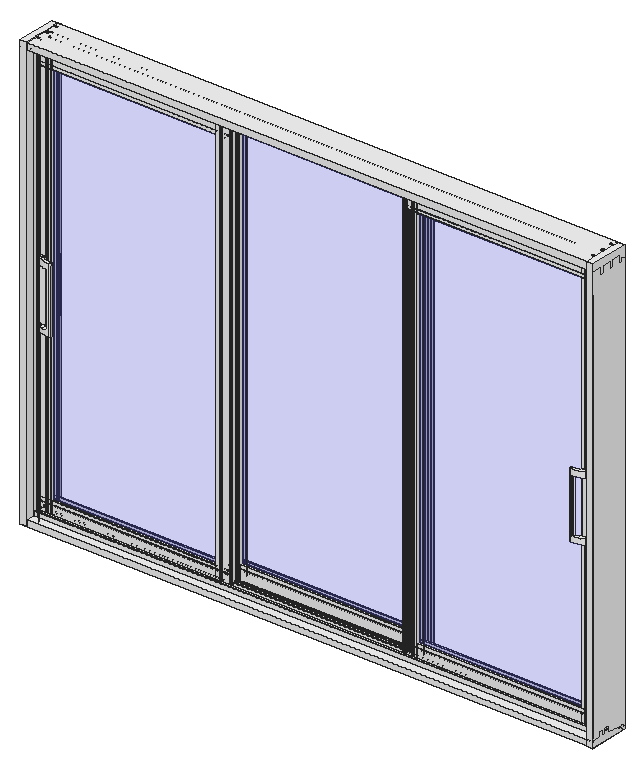
Revit family "Patio-Door_R-550-2-0_3-Light_XOX_7in_Novatech", category Doors, host Wall, Revit 2026 (continued)
Definition of nested family "NOVATECH_R-550 (2.0)_3 LIGHT_XOX_7in_DOOR FRAME"
  Definition of nested family "NOVATECH 650_2 LIGHT_DOOR FRAME_RIGHT"
    Automatic sketch dimensions
      Extrusion 1 sketch curve to Extrusion 1 sketch curve = 0.05984"
      Extrusion 1 sketch curve to Extrusion 1 sketch curve = 0.81136"
      Extrusion 1 sketch curve to Extrusion 1 sketch curve = 0.03246"
      Extrusion 1 sketch curve to Extrusion 1 sketch curve = 0.0325"
      Extrusion 1 sketch curve to Extrusion 1 sketch curve = 1.14764"
      Extrusion 1 sketch curve to Extrusion 1 sketch curve = 1.16928"
      Extrusion 1 sketch curve to Extrusion 1 sketch curve = 0.07341"
      Extrusion 1 sketch curve to Extrusion 1 sketch curve = 0.16734"
      Extrusion 1 sketch curve to Extrusion 1 sketch curve = 0.35207"
      Extrusion 1 sketch curve to Extrusion 1 sketch curve = 0.36692"
      Extrusion 1 sketch curve to Extrusion 1 sketch curve = 0.02304"
      Extrusion 1 sketch curve to Extrusion 1 sketch curve = 0.02379"
      Extrusion 1 sketch curve to Extrusion 1 sketch curve = 0.00926"
      Extrusion 1 sketch curve to Extrusion 1 sketch curve = 0.03614"
      Extrusion 1 sketch curve to Extrusion 1 sketch curve = 0.02228"
      Extrusion 1 sketch curve to Extrusion 1 sketch curve = 0.03887"
      Extrusion 1 sketch curve to Extrusion 1 sketch curve = 0.02535"
      Extrusion 1 sketch curve to Extrusion 1 sketch curve = 0.01071"
      Extrusion 1 sketch curve to Extrusion 1 sketch curve = 0.00764"
      Extrusion 1 sketch curve to Extrusion 1 sketch curve = 0.00916"
      Extrusion 1 sketch curve to Extrusion 1 sketch curve = 0.01185"
      Extrusion 1 sketch curve to Extrusion 1 sketch curve = 0.03921"
      Extrusion 1 sketch curve to Extrusion 1 sketch curve = 0.03995"
      Extrusion 1 sketch curve to Extrusion 1 sketch curve = 0.41557"
      Extrusion 1 sketch curve to Extrusion 1 sketch curve = 0.02246"  (x3)
      Extrusion 1 sketch curve to Extrusion 1 sketch curve = 0.04558"  (x2)
      Extrusion 1 sketch curve to Extrusion 1 sketch curve = 0.02222"
      Extrusion 1 sketch curve to Extrusion 1 sketch curve = 0.02305"
      Extrusion 1 sketch curve to Extrusion 1 sketch curve = 0.04602"
      Extrusion 1 sketch curve to Extrusion 1 sketch curve = 0.04436"
      Extrusion 1 sketch curve to Extrusion 1 sketch curve = 0.02244"
      Extrusion 1 sketch curve to Extrusion 1 sketch curve = 0.03743"
      Extrusion 1 sketch curve to Extrusion 1 sketch curve = 0.21108"
      Extrusion 1 sketch curve to Extrusion 1 sketch curve = 0.03746"
      Extrusion 1 sketch curve to Extrusion 1 sketch curve = 0.00795"
      Extrusion 1 sketch curve to Extrusion 1 sketch curve = 0.00895"
      Extrusion 1 sketch curve to Extrusion 1 sketch curve = 0.00912"
      Extrusion 1 sketch curve to Extrusion 1 sketch curve = 0.00975"
      Extrusion 1 sketch curve to Extrusion 1 sketch curve = 0.02249"
      Extrusion 1 sketch curve to Extrusion 1 sketch curve = 0.02399"
      Extrusion 1 sketch curve to Extrusion 1 sketch curve = 0.03972"
      Extrusion 1 sketch curve to Extrusion 1 sketch curve = 0.03991"
      Extrusion 1 sketch curve to Extrusion 1 sketch curve = 0.0105"
      Extrusion 1 sketch curve to Extrusion 1 sketch curve = 0.02313"
      Extrusion 1 sketch curve to Extrusion 1 sketch curve = 0.02334"
      Extrusion 1 sketch curve to Extrusion 1 sketch curve = 0.02"
      Extrusion 1 sketch curve to Extrusion 1 sketch curve = 0.04324"
      Extrusion 1 sketch curve to Extrusion 1 sketch curve = 0.04392"
      Extrusion 1 sketch curve to Extrusion 1 sketch curve = 0.00515"  (x2)
      plane 1 "Center (Front/Back)" to Extrusion 1 sketch curve = 1.87171"
Definition of nested family "NOVATECH_R-550 (2.0)_3 LIGHT_XOX_7in_LOOK HANDLE"
  Parameters (values of type "LOOK HANDLE")
    View Handle = yes
    Look Handle = yes
    Hardware Finish = none
    Handle Length [instance] = 12"
    Default Elevation = 0"
  Reference planes (in)
    plane 1 "Center (Front/Back)": y = 0
    plane 2: z = 0
    plane 3 "Center (Left/Right)": x = 0
    plane 4: z = 12
    plane 5: z = 11
    plane 6: z = 1
    plane 7: z = 6
  Forms (in)
    Extrusion 1, solid, material <- "Hardware Finish", visible <- "Look Handle"
      sketch origin (-2.75609, 4.10702, 0) x (1, 0, 0) y (0, 1, 0)
        loop
          line (2.28365, -5.7645) -> (2.29002, -6.12973)
          arc (2.29002, -6.12973) -> (2.31095, -6.17843) -> (2.36001, -6.1985) r 0.07
          line (2.36001, -6.1985) -> (3.15217, -6.1985)
          arc (3.15217, -6.1985) -> (3.20123, -6.17843) -> (3.22216, -6.12973) r 0.07
          line (3.22216, -6.12973) -> (3.22853, -5.7645) -> (2.28365, -5.7645)
      from 0 to 12
    Extrusion 2, solid, material <- "Hardware Finish", visible <- "Look Handle"
      sketch origin (-2.75609, 4.10702, 0) x (1, 0, 0) y (0, 1, 0)
        loop
          arc (2.92658, -7.01425) -> (2.95049, -7.06991) -> (3.00657, -7.09285) r 0.08
          line (3.00657, -7.09285) -> (3.06811, -7.09285)
          arc (3.06811, -7.09285) -> (3.12419, -7.06991) -> (3.1481, -7.01425) r 0.08
          line (3.1481, -7.01425) -> (3.16234, -6.1985) -> (2.88163, -6.1985)
          arc (2.88163, -6.1985) -> (2.90353, -6.20746) -> (2.91288, -6.22921) r 0.03125
          line (2.91288, -6.22921) -> (2.92658, -7.01425)
      from 4.54231 to 11
    Extrusion 3, solid, material <- "Hardware Finish", visible <- "Look Handle"
      sketch origin (-5.65408, 4.10702, 0) x (1, 0, 0) y (0, 1, 0)
        loop
          arc (5.26207, -7.01425) -> (5.28599, -7.06991) -> (5.34206, -7.09285) r 0.08
          line (5.34206, -7.09285) -> (5.96611, -7.09285)
          arc (5.96611, -7.09285) -> (6.02218, -7.06991) -> (6.0461, -7.01425) r 0.08
          line (6.0461, -7.01425) -> (6.06033, -6.1985) -> (5.24783, -6.1985) -> (5.26207, -7.01425)
      from 1 to 4.54231
  Dimensions and locks (in)
    "Handle Length": plane 4 to level
    locked: plane 4 to plane 5 at 1
    locked: plane 6 to level at 1
    equal spacing: plane 4, plane 7, level, locked at 6 each
    aligned and locked: plane 2 to level
  Automatic sketch dimensions
    Extrusion 1 sketch curve to plane 3 "Center (Left/Right)" = 0.47244"
    Extrusion 1 sketch curve to Extrusion 1 sketch curve = 0.00637"  (x2)
    Extrusion 1 sketch curve to Extrusion 1 sketch curve = 0.06999"  (x2)
    plane 3 "Center (Left/Right)" to Extrusion 1 sketch curve = 0.39608"
    plane 1 "Center (Front/Back)" to Extrusion 1 sketch curve = 2.09148"
    Extrusion 1 sketch curve to Extrusion 1 sketch curve = 0.06878"  (x2)
    Extrusion 1 sketch curve to Extrusion 1 sketch curve = 0.36522"
    plane 3 "Center (Left/Right)" to Extrusion 2 sketch curve = 0.31202"
    Extrusion 2 sketch curve to Extrusion 2 sketch curve = 0.07999"
    plane 1 "Center (Front/Back)" to Extrusion 2 sketch curve = 2.90722"
    Extrusion 2 sketch curve to Extrusion 2 sketch curve = 0.0014"  (x2)
    plane 3 "Center (Left/Right)" to Extrusion 2 sketch curve = 0.15679"
    Extrusion 2 sketch curve to Extrusion 2 sketch curve = 0.24946"
    Extrusion 2 sketch curve to Extrusion 2 sketch curve = 0.78504"
    Extrusion 2 sketch curve to Extrusion 2 sketch curve = 0.0307"
    Extrusion 2 sketch curve to Extrusion 2 sketch curve = 0.06155"
    Extrusion 2 sketch curve to Extrusion 2 sketch curve = 0"  (x2)
    Extrusion 2 sketch curve to Extrusion 2 sketch curve = 0.00055"
    plane 3 "Center (Left/Right)" to Extrusion 2 sketch curve = 0.12554"
    Extrusion 3 sketch curve to plane 3 "Center (Left/Right)" = 0.39201"
    Extrusion 3 sketch curve to Extrusion 3 sketch curve = 0.07999"
    plane 1 "Center (Front/Back)" to Extrusion 3 sketch curve = 2.90722"
    Extrusion 3 sketch curve to Extrusion 3 sketch curve = 0.0014"  (x2)
    Extrusion 3 sketch curve to plane 3 "Center (Left/Right)" = 13/32"
    Extrusion 3 sketch curve to Extrusion 3 sketch curve = 0.81574"
    plane 3 "Center (Left/Right)" to Extrusion 3 sketch curve = 0.31202"
    plane 3 "Center (Left/Right)" to Extrusion 3 sketch curve = 13/32"
    Extrusion 3 sketch curve to Extrusion 3 sketch curve = 0.0786"
Definition of nested family "NOVATECH_R-550 (2.0)_3 LIGHT_XOX_7in_VIEW HANDLE"
  Parameters (values of type "VIEW HANDLE")
    Hardware Finish = none
    Handle Length [instance] = 12"
    Default Elevation = 0"
  Reference planes (in)
    plane 1 "Center (Front/Back)": y = 0
    plane 2: z = 0
    plane 3 "Center (Left/Right)": x = 0
    plane 4: z = 12
    plane 5: z = 11
    plane 6: z = 1
    plane 7: z = 6
  Forms (in)
    Extrusion 1, solid, material <- "Hardware Finish"
      sketch origin (-2.75609, -5.7645, 0) x (1, 0, 0) y (0, 1, 0)
        loop
          line (2.25609, 6.2645) -> (2.25609, 5.7645) -> (3.25609, 5.7645) -> (3.25609, 6.2645) -> (2.25609, 6.2645)
      from 0 to 12
    Extrusion 2, solid, material <- "Hardware Finish"
      sketch origin (-2.75609, -5.7645, 0) x (1, 0, 0) y (0, 1, 0)
        loop
          arc (3.25636, 6.2645) -> (3.36219, 6.58898) -> (3.65155, 6.76996) r 0.5
          arc (3.65155, 6.76996) -> (4.19674, 6.84875) -> (4.74609, 6.8895) r 7.93092
          arc (4.74609, 6.8895) -> (4.87857, 6.94764) -> (4.92546, 7.0845) r 0.18
          arc (4.92546, 7.0845) -> (4.87857, 7.22136) -> (4.74609, 7.2795) r 0.18
          arc (4.74609, 7.2795) -> (3.50036, 7.21489) -> (2.35751, 6.71497) r 3.47867
          arc (2.35751, 6.71497) -> (2.28354, 6.64857) -> (2.25609, 6.55303) r 0.18
          line (2.25609, 6.55303) -> (2.25609, 6.2645) -> (3.25636, 6.2645)
      from 0 to 12
    Extrusion 3, void
      sketch origin (-2.75609, -5.7645, 0) x (1, 0, 0) y (0, 1, 0)
        loop
          arc (3.25636, 6.2645) -> (3.36219, 6.58898) -> (3.65155, 6.76996) r 0.5
          arc (3.65155, 6.76996) -> (3.99574, 6.82419) -> (4.34198, 6.86326) r 7.93092
          arc (4.34198, 6.86326) -> (4.5239, 7.10462) -> (4.30048, 7.30816) r 0.22439
          arc (4.30048, 7.30816) -> (3.28473, 7.15656) -> (2.35751, 6.71497) r 3.47867
          arc (2.35751, 6.71497) -> (2.28354, 6.64857) -> (2.25609, 6.55303) r 0.18
          line (2.25609, 6.55303) -> (2.25609, 6.2645) -> (3.25636, 6.2645)
      from 1 to 11
  Cuts and joins
    Extrusion 3 cuts Extrusion 2
  Dimensions and locks (in)
    "Handle Length": plane 4 to level
    locked: plane 4 to plane 5 at 1
    locked: plane 6 to level at 1
    equal spacing: plane 4, plane 7, level, locked at 6 each
    aligned and locked: plane 2 to level
    aligned and locked: cut or joined group of Extrusion 2, Extrusion 3 to plane 5
    aligned and locked: plane 6 to cut or joined group of Extrusion 2, Extrusion 3
    aligned and locked: Extrusion 1 to plane 4
    aligned and locked: cut or joined group of Extrusion 2, Extrusion 3 to plane 4
  Automatic sketch dimensions
    plane 1 "Center (Front/Back)" to Extrusion 1 sketch curve = 0"
    Extrusion 1 sketch curve to plane 3 "Center (Left/Right)" = 1/2"
    plane 3 "Center (Left/Right)" to Extrusion 1 sketch curve = 1/2"
    Extrusion 1 sketch curve to plane 1 "Center (Front/Back)" = 1/2"
    Extrusion 2 sketch curve to plane 3 "Center (Left/Right)" = 1/2"
    Extrusion 2 sketch curve to Extrusion 2 sketch curve = 0.18"
    plane 3 "Center (Left/Right)" to Extrusion 2 sketch curve = 0.50027"
    Extrusion 2 sketch curve to Extrusion 2 sketch curve = 0.49973"
    plane 3 "Center (Left/Right)" to Extrusion 2 sketch curve = 1.54439"
    Extrusion 2 sketch curve to Extrusion 2 sketch curve = 0.99"
    Extrusion 2 sketch curve to Extrusion 2 sketch curve = 0"
    plane 3 "Center (Left/Right)" to Extrusion 2 sketch curve = 2.30175"
    plane 1 "Center (Front/Back)" to Extrusion 2 sketch curve = 6.79979"
    plane 1 "Center (Front/Back)" to Extrusion 2 sketch curve = 1.93501"
    Extrusion 2 sketch curve to plane 1 "Center (Front/Back)" = 1/2"
    Extrusion 2 sketch curve to Extrusion 2 sketch curve = 0.0165"
    Extrusion 2 sketch curve to Extrusion 2 sketch curve = 0.28853"
    Extrusion 2 sketch curve to Extrusion 2 sketch curve = 0.7885"
    Extrusion 2 sketch curve to Extrusion 2 sketch curve = 0.03"
    Extrusion 2 sketch curve to Extrusion 2 sketch curve = 0.07858"
    Extrusion 2 sketch curve to Extrusion 2 sketch curve = 0.10454"
    Extrusion 3 sketch curve to plane 3 "Center (Left/Right)" = 1/2"
    Extrusion 3 sketch curve to Extrusion 3 sketch curve = 0.18"
    plane 3 "Center (Left/Right)" to Extrusion 3 sketch curve = 0.50027"
    Extrusion 3 sketch curve to Extrusion 3 sketch curve = 0.49973"
    plane 3 "Center (Left/Right)" to Extrusion 3 sketch curve = 1.54439"
    plane 3 "Center (Left/Right)" to Extrusion 3 sketch curve = 2.30175"
    plane 1 "Center (Front/Back)" to Extrusion 3 sketch curve = 6.79979"
    plane 1 "Center (Front/Back)" to Extrusion 3 sketch curve = 1.93501"
    Extrusion 3 sketch curve to plane 1 "Center (Front/Back)" = 1/2"
    Extrusion 3 sketch curve to Extrusion 3 sketch curve = 0.0165"
    Extrusion 3 sketch curve to Extrusion 3 sketch curve = 0.28853"
    Extrusion 3 sketch curve to Extrusion 3 sketch curve = 0.80277"
    Extrusion 3 sketch curve to Extrusion 3 sketch curve = 0.07858"
    Extrusion 3 sketch curve to Extrusion 3 sketch curve = 0.10454"
    Extrusion 3 sketch curve to Extrusion 3 sketch curve = 0.0415"
Definition of nested family "NOVATECH_R-550 (2.0)_3 LIGHT_XOX_7in_SASH_X"
  Parameters (values of type "SASH_X")
    Width = 45 89/128"
    Panel Material = none
    Height = 77 27/64"
    Frame Material = none
    Default Elevation = 0"
  Reference planes (in)
    plane 1 "Center (Front/Back)": y = 0
    plane 2: z = 0
    plane 3 "Center (Left/Right)": x = 0
    plane 4: x = 22.84766
    plane 5: x = -22.84766
    plane 6: z = 77.42188
    plane 7: y = 0.76968
  Forms (in)
    Extrusion 1, solid, material <- "Panel Material"
      sketch origin (53.05518, -3.44005, -6.62158) x (1, 0, 0) y (0, 1, 0)
        loop
          line (-73.68306, 4.64701) -> (-73.68306, 3.77299) -> (-30.9842, 3.77299) -> (-30.9842, 4.64701) -> (-73.68306, 4.64701)
      from 8.65969 to 82.00488
  Dimensions and locks (in)
    "Height": plane 6 to level
    "Width": plane 4 to plane 5
    equal spacing: plane 4, plane 3 "Center (Left/Right)", plane 5
    locked: plane 5 to nested 3 at 0.18167
    locked: plane 4 to nested 3 at 1.2619
    locked: Extrusion 1 sketch curve to Extrusion 1 sketch curve at 0.87402
    locked: plane 1 "Center (Front/Back)" to plane 7 at 0.76968
    locked: plane 5 to Extrusion 1 at 2.21978
    locked: Extrusion 1 to plane 4 at 0.77668
    locked: plane 6 to Extrusion 1 at 2.03858
    locked: Extrusion 1 to level at 2.03811
    locked: plane 5 to nested 4 at 0.18167
    locked: plane 4 to nested 4 at 1.2619
    aligned and locked: plane 2 to level
    aligned and locked: nested 1 to level
    aligned and locked: nested 2 to level
    aligned and locked: nested 1 to plane 5
    aligned and locked: plane 1 "Center (Front/Back)" to nested 1
    aligned and locked: nested 2 to plane 4
    aligned and locked: plane 6 to nested 3
    aligned and locked: plane 1 "Center (Front/Back)" to nested 3
    aligned and locked: nested 4 to plane 1 "Center (Front/Back)"
    aligned and locked: level to nested 4
  Automatic sketch dimensions
    Extrusion 1 sketch curve to plane 1 "Center (Front/Back)" = 0.33295"
    plane 5 to Extrusion 1 sketch curve = 2.21978"
    Extrusion 1 sketch curve to plane 4 = 0.77668"
  Nested families (in)
    nested 1: "NOVATECH_650_2 LIGHT_SASH_X_LEFT" at (-22.84766, 1.65748, 0) x (0, -1, 0) z (0, 0, 1), type "X_LEFT"
      with Length 77 27/64"
    nested 2: "NOVATECH_650_2 LIGHT_SASH_X_RIGHT" at (24.19624, 1.65775, 0) x (0, 1, 0) z (0, 0, 1), type "X_RIGHT"
    nested 3: "NOVATECH_650_2 LIGHT_SASH_X_HEADER1" at (-22.66599, 1.65748, 74.81906), type "X_HEADER 2"
      with built-in parameter 1001306 3.898 (stored number, unit not read)
    nested 4: "NOVATECH_650_2 LIGHT_SASH_X_SILL1" at (24.10956, 1.65748, 0) x (-1, 0, 0) z (0, 0, 1), type "X_SILL 2"
      with built-in parameter 1001306 3.898 (stored number, unit not read)
  Definition of nested family "NOVATECH_650_2 LIGHT_SASH_X_LEFT"
    Parameters (values of type "X_LEFT")
      Length = 91 121/128"
      Frame Material = none
      Default Elevation = 0"
    Reference planes (in)
      plane 1 "Center (Front/Back)": y = 0
      plane 2: z = 0
      plane 3 "Center (Left/Right)": x = 0
      plane 4: z = 91.94531
      plane 5: x = 1.65748
    Forms (in)
      Extrusion 1, solid, material <- "Frame Material"
        sketch origin (0, 0, 0) x (1, 0, 0) y (0, 1, 0)
          loop
            line (1.22244, 0.89033) -> (1.22244, 0.50487) -> (1.27362, 0.50487) -> (1.27362, 0.56786) -> (1.3248, 0.56786) -> (1.3248, 0.26077) -> (1.27362, 0.26077) -> (1.27362, 0.32377) -> (1.22244, 0.32377) -> (1.22244, 0.24072)
            arc (1.22244, 0.24072) -> (1.23974, 0.19896) -> (1.2815, 0.18167) r 0.05906
            line (1.2815, 0.18167) -> (1.59843, 0.18167)
            arc (1.59843, 0.18167) -> (1.64018, 0.19896) -> (1.65748, 0.24072) r 0.05906
            line (1.65748, 0.24072) -> (1.65748, 2.72091)
            arc (1.65748, 2.72091) -> (1.65024, 2.74028) -> (1.63206, 2.75015) r 0.02953
            line (1.63206, 2.75015) -> (1.3878, 2.78448) -> (1.3878, 2.74317) -> (1.42126, 2.74317) -> (1.42126, 2.09505) -> (1.3248, 2.09505) -> (1.3248, 2.21978) -> (0.45079, 2.21978) -> (0.45079, 2.09458) -> (0.22047, 2.09458) -> (0.22047, 1.85883) -> (0.27165, 1.85883) -> (0.27165, 1.76041) -> (0.07874, 1.76041) -> (0.07874, 2.09505) -> (0, 2.09505) -> (0, 0.24072)
            arc (0, 0.24072) -> (0.0173, 0.19896) -> (0.05906, 0.18167) r 0.05906
            line (0.05906, 0.18167) -> (0.37598, 0.18167)
            arc (0.37598, 0.18167) -> (0.41774, 0.19896) -> (0.43504, 0.24072) r 0.05906
            line (0.43504, 0.24072) -> (0.43504, 0.32377) -> (0.38386, 0.32377) -> (0.38386, 0.26077) -> (0.33268, 0.26077) -> (0.33268, 0.56786) -> (0.38386, 0.56786) -> (0.38386, 0.50487) -> (0.43504, 0.50487) -> (0.43504, 0.89033) -> (1.22244, 0.89033)
          loop
            line (0.52457, 0.37126) -> (0.52457, 0) -> (1.13481, 0) -> (1.13481, 0.37126)
            arc (1.13481, 0.37126) -> (1.10598, 0.44086) -> (1.03638, 0.46969) r 0.09843
            line (1.03638, 0.46969) -> (0.623, 0.46969)
            arc (0.623, 0.46969) -> (0.5534, 0.44086) -> (0.52457, 0.37126) r 0.09843
          loop
            line (0.44481, 0.62418) -> (0.44481, 0.49623) -> (1.21253, 0.49623) -> (1.21253, 0.62418) -> (1.17489, 0.62418) -> (1.17489, 0.86183) -> (0.49772, 0.86183) -> (0.49772, 0.62418) -> (0.44481, 0.62418)
          loop
            line (0.3878, 2.78254) -> (0.02953, 2.78254)
            arc (0.02953, 2.78254) -> (0.00865, 2.77389) -> (0, 2.75302) r 0.02953
            line (0, 2.75302) -> (0, 2.12252)
            arc (0, 2.12252) -> (0.00787, 2.10888) -> (0.02362, 2.10888) r 0.01575
            line (0.02362, 2.10888) -> (0.05272, 2.12216)
            arc (0.05272, 2.12216) -> (0.07644, 2.12249) -> (0.08888, 2.10229) r 0.02402
            line (0.08888, 2.10229) -> (0.10187, 1.9166) -> (0.13488, 1.83593)
            arc (0.13488, 1.83593) -> (0.16048, 1.8092) -> (0.19743, 1.80702) r 0.05066
            arc (0.19743, 1.80702) -> (0.2171, 1.82834) -> (0.21099, 1.8567) r 0.0315
            line (0.21099, 1.8567) -> (0.16631, 1.96729) -> (0.15655, 2.09491) -> (0.23966, 2.14667) -> (0.34645, 2.11042)
            arc (0.34645, 2.11042) -> (0.36116, 2.11197) -> (0.3681, 2.12502) r 0.01575
            line (0.3681, 2.12502) -> (0.36811, 2.74317) -> (0.3878, 2.78254)
        from 0 to 91.94531
    Dimensions and locks (in)
      "Length": plane 4 to level
      aligned and locked: plane 2 to level
      aligned and locked: Extrusion 1 to level
      aligned and locked: plane 4 to Extrusion 1
    Automatic sketch dimensions
      plane 1 "Center (Front/Back)" to Extrusion 1 sketch curve = 0"
      plane 3 "Center (Left/Right)" to Extrusion 1 sketch curve = 0.43504"
      Extrusion 1 sketch curve to Extrusion 1 sketch curve = 0.00977"
      Extrusion 1 sketch curve to Extrusion 1 sketch curve = 0.06269"
      Extrusion 1 sketch curve to Extrusion 1 sketch curve = 0.07977"
      Extrusion 1 sketch curve to Extrusion 1 sketch curve = 0.09843"  (x2)
      Extrusion 1 sketch curve to Extrusion 1 sketch curve = 0.41339"
      Extrusion 1 sketch curve to Extrusion 1 sketch curve = 0.13851"
      Extrusion 1 sketch curve to Extrusion 1 sketch curve = 0.03764"
      Extrusion 1 sketch curve to Extrusion 1 sketch curve = 0.04755"
      Extrusion 1 sketch curve to Extrusion 1 sketch curve = 0"  (x2)
      Extrusion 1 sketch curve to Extrusion 1 sketch curve = 0.01575"  (x2)
      Extrusion 1 sketch curve to Extrusion 1 sketch curve = 0.00787"  (x3)
      Extrusion 1 sketch curve to Extrusion 1 sketch curve = 0.02953"  (x2)
      Extrusion 1 sketch curve to Extrusion 1 sketch curve = 0.0291"
      Extrusion 1 sketch curve to Extrusion 1 sketch curve = 0.05906"
      Extrusion 1 sketch curve to Extrusion 1 sketch curve = 0.01216"
      Extrusion 1 sketch curve to Extrusion 1 sketch curve = 0.01386"
      Extrusion 1 sketch curve to Extrusion 1 sketch curve = 0.01014"
      Extrusion 1 sketch curve to Extrusion 1 sketch curve = 0.02313"
      Extrusion 1 sketch curve to Extrusion 1 sketch curve = 0.03301"
      Extrusion 1 sketch curve to Extrusion 1 sketch curve = 0.06767"
      Extrusion 1 sketch curve to Extrusion 1 sketch curve = 0.06444"
      Extrusion 1 sketch curve to Extrusion 1 sketch curve = 3/64"
      Extrusion 1 sketch curve to Extrusion 1 sketch curve = 0.00498"
      Extrusion 1 sketch curve to Extrusion 1 sketch curve = 0.02926"
      Extrusion 1 sketch curve to Extrusion 1 sketch curve = 0.06392"
      Extrusion 1 sketch curve to Extrusion 1 sketch curve = 0.01918"
      Extrusion 1 sketch curve to Extrusion 1 sketch curve = 0.05118"  (x5)
      Extrusion 1 sketch curve to Extrusion 1 sketch curve = 0.27362"  (x2)
      Extrusion 1 sketch curve to Extrusion 1 sketch curve = 0.1068"
      Extrusion 1 sketch curve to Extrusion 1 sketch curve = 0.0059"
      Extrusion 1 sketch curve to Extrusion 1 sketch curve = 0.33858"
      Extrusion 1 sketch curve to Extrusion 1 sketch curve = 0.04331"  (x2)
      Extrusion 1 sketch curve to Extrusion 1 sketch curve = 0.01969"
      Extrusion 1 sketch curve to Extrusion 1 sketch curve = 0.08268"
      Extrusion 1 sketch curve to Extrusion 1 sketch curve = 0.87402"
      Extrusion 1 sketch curve to Extrusion 1 sketch curve = 0.06299"  (x5)
      Extrusion 1 sketch curve to Extrusion 1 sketch curve = 0.09646"
      Extrusion 1 sketch curve to Extrusion 1 sketch curve = 0.20669"
      Extrusion 1 sketch curve to Extrusion 1 sketch curve = 0.00411"
      Extrusion 1 sketch curve to plane 1 "Center (Front/Back)" = 0.18167"  (x2)
      Extrusion 1 sketch curve to Extrusion 1 sketch curve = 0.02005"  (x2)
      Extrusion 1 sketch curve to Extrusion 1 sketch curve = 0.12497"
      Extrusion 1 sketch curve to Extrusion 1 sketch curve = 0.12795"  (x2)
      Extrusion 1 sketch curve to Extrusion 1 sketch curve = 0.1811"  (x2)
      Extrusion 1 sketch curve to Extrusion 1 sketch curve = 0.23764"
      Extrusion 1 sketch curve to Extrusion 1 sketch curve = 0.0285"
      Extrusion 1 sketch curve to Extrusion 1 sketch curve = 0.32247"
      Extrusion 1 sketch curve to Extrusion 1 sketch curve = 0.07552"
      Extrusion 1 sketch curve to Extrusion 1 sketch curve = 0.0007"
      Extrusion 1 sketch curve to Extrusion 1 sketch curve = 0.01855"
      Extrusion 1 sketch curve to Extrusion 1 sketch curve = 0.00151"
      Extrusion 1 sketch curve to Extrusion 1 sketch curve = 0.00214"
      Extrusion 1 sketch curve to Extrusion 1 sketch curve = 0.08067"
      Extrusion 1 sketch curve to Extrusion 1 sketch curve = 0.05069"
      Extrusion 1 sketch curve to Extrusion 1 sketch curve = 0.12728"
      Extrusion 1 sketch curve to Extrusion 1 sketch curve = 0.00033"
      Extrusion 1 sketch curve to Extrusion 1 sketch curve = 0.00014"
      Extrusion 1 sketch curve to Extrusion 1 sketch curve = 0.00047"
      Extrusion 1 sketch curve to Extrusion 1 sketch curve = 0.00639"
      Extrusion 1 sketch curve to Extrusion 1 sketch curve = 0.00724"
      Extrusion 1 sketch curve to Extrusion 1 sketch curve = 0.01383"
      Extrusion 1 sketch curve to Extrusion 1 sketch curve = 0.01584"
      Extrusion 1 sketch curve to Extrusion 1 sketch curve = 0.05209"
      Extrusion 1 sketch curve to Extrusion 1 sketch curve = 0.12472"
      Extrusion 1 sketch curve to Extrusion 1 sketch curve = 0.50114"
      Extrusion 1 sketch curve to Extrusion 1 sketch curve = 0.5234"
      Extrusion 1 sketch curve to Extrusion 1 sketch curve = 0.02226"
      Extrusion 1 sketch curve to Extrusion 1 sketch curve = 0.00984"
      Extrusion 1 sketch curve to Extrusion 1 sketch curve = 0.04131"
      Extrusion 1 sketch curve to plane 3 "Center (Left/Right)" = 0"
      Extrusion 1 sketch curve to Extrusion 1 sketch curve = 0.08763"
      Extrusion 1 sketch curve to Extrusion 1 sketch curve = 0.87008"
  Definition of nested family "NOVATECH_650_2 LIGHT_SASH_X_RIGHT"
    Parameters (values of type "NOVATECH_650_2 LIGHT_SASH_X_RIGHT")
      Length = 79 1/2"
      Frame Material = none
      Default Elevation = 0"
    Types (2): name | Length
      NOVATECH_650_2 LIGHT_SASH_X_RIGHT | 79 1/2"
      X_RIGHT | 77 27/64"
    Reference planes (in)
      plane 1 "Center (Front/Back)": y = 0
      plane 2: z = 0
      plane 3 "Center (Left/Right)": x = 0
      plane 4: z = 79.5
      plane 5: y = 1.34858
    Forms (in)
      Extrusion 1, solid, material <- "Frame Material"
        sketch origin (0, 0, 0) x (1, 0, 0) y (0, 1, 0)
          loop
            line (-1.3878, 2.68949) -> (-1.63206, 2.65516)
            arc (-1.63206, 2.65516) -> (-1.65024, 2.6453) -> (-1.65748, 2.62592) r 0.02953
            line (-1.65748, 2.62592) -> (-1.65748, 0.14573)
            arc (-1.65748, 0.14573) -> (-1.64018, 0.10398) -> (-1.59843, 0.08668) r 0.05906
            line (-1.59843, 0.08668) -> (-1.2815, 0.08668)
            arc (-1.2815, 0.08668) -> (-1.23974, 0.10398) -> (-1.22244, 0.14573) r 0.05906
            line (-1.22244, 0.14573) -> (-1.22244, 0.21303)
            arc (-1.22244, 0.21303) -> (-1.24803, 0.22962) -> (-1.27362, 0.21303) r 0.02803
            line (-1.27362, 0.21303) -> (-1.27362, 0.18154)
            arc (-1.27362, 0.18154) -> (-1.29921, 0.16396) -> (-1.3248, 0.18154) r 0.02742
            line (-1.3248, 0.18154) -> (-1.3248, 0.45713)
            arc (-1.3248, 0.45713) -> (-1.29921, 0.47486) -> (-1.27362, 0.45713) r 0.02733
            line (-1.27362, 0.45713) -> (-1.27362, 0.42563)
            arc (-1.27362, 0.42563) -> (-1.24803, 0.40805) -> (-1.22244, 0.42563) r 0.02742
            line (-1.22244, 0.42563) -> (-1.22244, 0.79534) -> (-0.43504, 0.79534) -> (-0.43504, 0.42563)
            arc (-0.43504, 0.42563) -> (-0.40945, 0.40805) -> (-0.38386, 0.42563) r 0.02742
            line (-0.38386, 0.42563) -> (-0.38386, 0.45713)
            arc (-0.38386, 0.45713) -> (-0.35827, 0.47524) -> (-0.33268, 0.45713) r 0.02713
            line (-0.33268, 0.45713) -> (-0.33268, 0.18154)
            arc (-0.33268, 0.18154) -> (-0.35827, 0.16434) -> (-0.38386, 0.18154) r 0.02764
            line (-0.38386, 0.18154) -> (-0.38386, 0.21303)
            arc (-0.38386, 0.21303) -> (-0.40945, 0.23061) -> (-0.43504, 0.21303) r 0.02742
            line (-0.43504, 0.21303) -> (-0.43504, 0.14573)
            arc (-0.43504, 0.14573) -> (-0.41774, 0.10398) -> (-0.37598, 0.08668) r 0.05906
            line (-0.37598, 0.08668) -> (-0.05906, 0.08668)
            arc (-0.05906, 0.08668) -> (-0.0173, 0.10398) -> (0, 0.14573) r 0.05906
            line (0, 0.14573) -> (0, 2.00007) -> (-0.07874, 2.00007) -> (-0.07874, 1.66542) -> (-0.27165, 1.66542) -> (-0.27165, 1.76384) -> (-0.22047, 1.76384) -> (-0.22047, 2.00007) -> (-0.45079, 2.00007) -> (-0.45079, 2.12479) -> (-1.3248, 2.12479) -> (-1.3248, 1.99959) -> (-1.42126, 1.99959) -> (-1.42126, 2.64819) -> (-1.3878, 2.64819) -> (-1.3878, 2.68949)
          loop
            line (-0.36811, 2.64819) -> (-0.3681, 2.03003)
            arc (-0.3681, 2.03003) -> (-0.36116, 2.01698) -> (-0.34645, 2.01543) r 0.01575
            line (-0.34645, 2.01543) -> (-0.23966, 2.05168) -> (-0.15655, 1.99992) -> (-0.16631, 1.87231) -> (-0.21099, 1.76171)
            arc (-0.21099, 1.76171) -> (-0.21656, 1.73158) -> (-0.19388, 1.71098) r 0.0315
            arc (-0.19388, 1.71098) -> (-0.15883, 1.71501) -> (-0.1349, 1.74094) r 0.05068
            line (-0.1349, 1.74094) -> (-0.09948, 1.82779) -> (-0.08693, 2.0073)
            arc (-0.08693, 2.0073) -> (-0.07596, 2.02632) -> (-0.05404, 2.02757) r 0.02309
            line (-0.05404, 2.02757) -> (-0.02362, 2.01194)
            arc (-0.02362, 2.01194) -> (-0.00787, 2.01194) -> (0, 2.02558) r 0.01575
            line (0, 2.02558) -> (0, 2.65803)
            arc (0, 2.65803) -> (-0.00865, 2.67891) -> (-0.02953, 2.68756) r 0.02953
            line (-0.02953, 2.68756) -> (-0.3878, 2.68756) -> (-0.36811, 2.64819)
          loop
            line (-0.00532, 0.06693) -> (-0.4773, 0.06693) -> (-0.4391, 0.25591) -> (-0.38762, 0.25591)
            arc (-0.38762, 0.25591) -> (-0.37291, 0.26603) -> (-0.37712, 0.28339) r 0.01575
            line (-0.37712, 0.28339) -> (-0.48008, 0.397)
            arc (-0.48008, 0.397) -> (-0.50292, 0.39997) -> (-0.51341, 0.37946) r 0.02
            line (-0.51341, 0.37946) -> (-0.49589, 0.25591) -> (-0.53329, 0.07087) -> (-1.12384, 0.07087) -> (-1.16124, 0.25591) -> (-1.14375, 0.37069)
            arc (-1.14375, 0.37069) -> (-1.15412, 0.39135) -> (-1.17705, 0.38843) r 0.02
            line (-1.17705, 0.38843) -> (-1.27913, 0.26087)
            arc (-1.27913, 0.26087) -> (-1.28035, 0.24327) -> (-1.2643, 0.23594) r 0.0155
            line (-1.2643, 0.23594) -> (-1.21474, 0.24478) -> (-1.17143, 0.06693) -> (-1.96363, 0.06693) -> (-1.96363, 0.63673) -> (-1.90442, 0.6761) -> (-1.90442, 0.81723) -> (-1.70049, 0.81723) -> (-1.70049, 0.88415) -> (-1.90442, 0.88415) -> (-1.90442, 1.06988) -> (-1.93347, 1.10788) -> (-1.93347, 1.49105) -> (-1.99407, 1.596)
            arc (-1.99407, 1.596) -> (-1.99509, 1.62721) -> (-2.02356, 1.64005) r 0.02953
            arc (-2.02356, 1.64005) -> (-2.04694, 1.63301) -> (-2.05703, 1.61078) r 0.02953
            line (-2.05703, 1.61078) -> (-2.05703, 1.5712) -> (-2.0004, 1.47312) -> (-2.0004, 1.1048)
            arc (-2.0004, 1.1048) -> (-2.00887, 1.08863) -> (-2.02698, 1.08636) r 0.01969
            arc (-2.02698, 1.08636) -> (-2.06078, 1.0621) -> (-2.07371, 1.02255) r 0.06693
            line (-2.07371, 1.02255) -> (-2.07354, 0.97924)
            arc (-2.07354, 0.97924) -> (-2.04795, 0.96174) -> (-2.02236, 0.97924) r 0.02746
            line (-2.02236, 0.97924) -> (-2.02253, 1.01074)
            arc (-2.02253, 1.01074) -> (-1.99694, 1.02832) -> (-1.97135, 1.01074) r 0.02742
            line (-1.97135, 1.01074) -> (-1.97135, 0.73515)
            arc (-1.97135, 0.73515) -> (-1.99694, 0.71804) -> (-2.02253, 0.73515) r 0.02769
            line (-2.02253, 0.73515) -> (-2.02253, 0.77452)
            arc (-2.02253, 0.77452) -> (-2.04812, 0.79231) -> (-2.07371, 0.77452) r 0.0273
            line (-2.07371, 0.77452) -> (-2.07371, 0.72334)
            arc (-2.07371, 0.72334) -> (-2.06188, 0.68534) -> (-2.03056, 0.66078) r 0.06693
            line (-2.03056, 0.66078) -> (-2.03056, 0.07874)
            arc (-2.03056, 0.07874) -> (-2.0075, 0.02306) -> (-1.95182, 0) r 0.07874
            line (-1.95182, 0) -> (-0.04135, 0)
            arc (-0.04135, 0) -> (-0.01984, 0.0064) -> (-0.00532, 0.02351) r 0.03937
            line (-0.00532, 0.02351) -> (-0.00532, 0.06693)
        from 0 to 79.5
    Dimensions and locks (in)
      "Length": plane 4 to level
      aligned and locked: plane 2 to level
      aligned and locked: Extrusion 1 to level
      aligned and locked: plane 4 to Extrusion 1
    Automatic sketch dimensions
      plane 1 "Center (Front/Back)" to Extrusion 1 sketch curve = 0"
      Extrusion 1 sketch curve to plane 3 "Center (Left/Right)" = 0"  (x2)
      Extrusion 1 sketch curve to plane 3 "Center (Left/Right)" = 0.00532"
      Extrusion 1 sketch curve to plane 3 "Center (Left/Right)" = 0.01575"
      Extrusion 1 sketch curve to Extrusion 1 sketch curve = 0.00787"  (x2)
      Extrusion 1 sketch curve to plane 3 "Center (Left/Right)" = 0.02953"
      Extrusion 1 sketch curve to plane 3 "Center (Left/Right)" = 0.04135"
      Extrusion 1 sketch curve to Extrusion 1 sketch curve = 0.03042"
      Extrusion 1 sketch curve to plane 3 "Center (Left/Right)" = 0.05906"
      Extrusion 1 sketch curve to Extrusion 1 sketch curve = 0.00981"
      Extrusion 1 sketch curve to Extrusion 1 sketch curve = 0.01489"
      Extrusion 1 sketch curve to Extrusion 1 sketch curve = 0.00819"
      Extrusion 1 sketch curve to plane 3 "Center (Left/Right)" = 0.09948"
      Extrusion 1 sketch curve to Extrusion 1 sketch curve = 0.03542"
      Extrusion 1 sketch curve to Extrusion 1 sketch curve = 0.06962"
      Extrusion 1 sketch curve to Extrusion 1 sketch curve = 0.06683"
      Extrusion 1 sketch curve to Extrusion 1 sketch curve = 3/64"
      Extrusion 1 sketch curve to Extrusion 1 sketch curve = 0.00493"
      Extrusion 1 sketch curve to Extrusion 1 sketch curve = 0.02921"
      Extrusion 1 sketch curve to Extrusion 1 sketch curve = 0.06392"
      Extrusion 1 sketch curve to Extrusion 1 sketch curve = 0.01918"
      Extrusion 1 sketch curve to Extrusion 1 sketch curve = 0.05118"
      Extrusion 1 sketch curve to Extrusion 1 sketch curve = 0.27362"  (x2)
      Extrusion 1 sketch curve to Extrusion 1 sketch curve = 0.1068"
      Extrusion 1 sketch curve to Extrusion 1 sketch curve = 0.0059"
      Extrusion 1 sketch curve to Extrusion 1 sketch curve = 0.02559"  (x21)
      Extrusion 1 sketch curve to Extrusion 1 sketch curve = 0.01575"  (x3)
      Extrusion 1 sketch curve to Extrusion 1 sketch curve = 0.33858"
      Extrusion 1 sketch curve to Extrusion 1 sketch curve = 0.01772"
      Extrusion 1 sketch curve to Extrusion 1 sketch curve = 0.01885"
      Extrusion 1 sketch curve to Extrusion 1 sketch curve = 0.0105"
      Extrusion 1 sketch curve to Extrusion 1 sketch curve = 0.01969"  (x2)
      Extrusion 1 sketch curve to Extrusion 1 sketch curve = 0.00406"
      Extrusion 1 sketch curve to Extrusion 1 sketch curve = 0.08268"
      Extrusion 1 sketch curve to plane 1 "Center (Front/Back)" = 0.06693"  (x2)
      Extrusion 1 sketch curve to Extrusion 1 sketch curve = 0.04226"
      Extrusion 1 sketch curve to Extrusion 1 sketch curve = 0.04504"
      Extrusion 1 sketch curve to Extrusion 1 sketch curve = 0.01353"  (x2)
      Extrusion 1 sketch curve to Extrusion 1 sketch curve = 0.05678"
      Extrusion 1 sketch curve to Extrusion 1 sketch curve = 0.0198"
      Extrusion 1 sketch curve to plane 1 "Center (Front/Back)" = 0.07087"
      Extrusion 1 sketch curve to Extrusion 1 sketch curve = 0.05599"
      Extrusion 1 sketch curve to Extrusion 1 sketch curve = 0.59055"
      Extrusion 1 sketch curve to plane 1 "Center (Front/Back)" = 0.37069"
      Extrusion 1 sketch curve to Extrusion 1 sketch curve = 0.01991"
      Extrusion 1 sketch curve to plane 1 "Center (Front/Back)" = 0.25591"
      Extrusion 1 sketch curve to Extrusion 1 sketch curve = 0.01749"
      Extrusion 1 sketch curve to Extrusion 1 sketch curve = 0.01977"
      Extrusion 1 sketch curve to Extrusion 1 sketch curve = 0.04759"
      Extrusion 1 sketch curve to plane 1 "Center (Front/Back)" = 0.38843"
      Extrusion 1 sketch curve to plane 1 "Center (Front/Back)" = 0.24478"
      Extrusion 1 sketch curve to Extrusion 1 sketch curve = 0.0535"
      Extrusion 1 sketch curve to Extrusion 1 sketch curve = 0.04539"
      Extrusion 1 sketch curve to Extrusion 1 sketch curve = 0.05101"
      Extrusion 1 sketch curve to plane 1 "Center (Front/Back)" = 0.23594"
      Extrusion 1 sketch curve to Extrusion 1 sketch curve = 0.01627"
      Extrusion 1 sketch curve to Extrusion 1 sketch curve = 0.00272"
      Extrusion 1 sketch curve to plane 1 "Center (Front/Back)" = 0.26087"
      Extrusion 1 sketch curve to Extrusion 1 sketch curve = 0.0121"
      Extrusion 1 sketch curve to Extrusion 1 sketch curve = 0.05906"  (x2)
      Extrusion 1 sketch curve to Extrusion 1 sketch curve = 0.87402"
      Extrusion 1 sketch curve to Extrusion 1 sketch curve = 0.06299"
      Extrusion 1 sketch curve to Extrusion 1 sketch curve = 0.03346"
      Extrusion 1 sketch curve to plane 1 "Center (Front/Back)" = 0.14573"
      Extrusion 1 sketch curve to Extrusion 1 sketch curve = 0.20669"
      Extrusion 1 sketch curve to Extrusion 1 sketch curve = 0.00411"
      Extrusion 1 sketch curve to Extrusion 1 sketch curve = 0.47805"
      Extrusion 1 sketch curve to Extrusion 1 sketch curve = 0.20393"
      Extrusion 1 sketch curve to plane 5 = 0.67249"
      Extrusion 1 sketch curve to Extrusion 1 sketch curve = 0"  (x4)
      Extrusion 1 sketch curve to plane 5 = 0.24071"
      Extrusion 1 sketch curve to Extrusion 1 sketch curve = 0.02906"
      Extrusion 1 sketch curve to Extrusion 1 sketch curve = 0.29434"
      Extrusion 1 sketch curve to Extrusion 1 sketch curve = 0.05921"
      Extrusion 1 sketch curve to Extrusion 1 sketch curve = 0.06693"  (x3)
      plane 5 to Extrusion 1 sketch curve = 0.24742"
      Extrusion 1 sketch curve to Extrusion 1 sketch curve = 0.06059"
      Extrusion 1 sketch curve to Extrusion 1 sketch curve = 0.00984"  (x7)
      Extrusion 1 sketch curve to Extrusion 1 sketch curve = 0.02556"
      Extrusion 1 sketch curve to plane 5 = 0.36934"  (x2)
      Extrusion 1 sketch curve to Extrusion 1 sketch curve = 0.02542"
      Extrusion 1 sketch curve to plane 5 = 0.33784"
      Extrusion 1 sketch curve to Extrusion 1 sketch curve = 0.02378"
      Extrusion 1 sketch curve to Extrusion 1 sketch curve = 0.02953"
      Extrusion 1 sketch curve to plane 5 = 0.32603"
      Extrusion 1 sketch curve to Extrusion 1 sketch curve = 0.02576"
      Extrusion 1 sketch curve to plane 1 "Center (Front/Back)" = 0.02351"
      Extrusion 1 sketch curve to plane 1 "Center (Front/Back)" = 0.08668"
      Extrusion 1 sketch curve to Extrusion 1 sketch curve = 0.0358"  (x2)
      Extrusion 1 sketch curve to Extrusion 1 sketch curve = 0.01044"
      Extrusion 1 sketch curve to Extrusion 1 sketch curve = 0.02006"
      Extrusion 1 sketch curve to Extrusion 1 sketch curve = 0.02165"  (x2)
      Extrusion 1 sketch curve to Extrusion 1 sketch curve = 0.01144"
      Extrusion 1 sketch curve to Extrusion 1 sketch curve = 0.04287"
      Extrusion 1 sketch curve to Extrusion 1 sketch curve = 0.12355"
      Extrusion 1 sketch curve to Extrusion 1 sketch curve = 0.00281"
      Extrusion 1 sketch curve to Extrusion 1 sketch curve = 0.02863"
      Extrusion 1 sketch curve to Extrusion 1 sketch curve = 0.0372"
      Extrusion 1 sketch curve to Extrusion 1 sketch curve = 0.0219"
      Extrusion 1 sketch curve to Extrusion 1 sketch curve = 0.02248"
      Extrusion 1 sketch curve to Extrusion 1 sketch curve = 0.00902"
      Extrusion 1 sketch curve to Extrusion 1 sketch curve = 0.0096"
      Extrusion 1 sketch curve to Extrusion 1 sketch curve = 0.03937"
      Extrusion 1 sketch curve to Extrusion 1 sketch curve = 0.02405"
      Extrusion 1 sketch curve to Extrusion 1 sketch curve = 0.01181"
      Extrusion 1 sketch curve to Extrusion 1 sketch curve = 0.02239"
      Extrusion 1 sketch curve to Extrusion 1 sketch curve = 0.02986"
      Extrusion 1 sketch curve to Extrusion 1 sketch curve = 0.00951"
      Extrusion 1 sketch curve to Extrusion 1 sketch curve = 0.33821"
      Extrusion 1 sketch curve to Extrusion 1 sketch curve = 0.08207"
      Extrusion 1 sketch curve to Extrusion 1 sketch curve = 0.00995"
      Extrusion 1 sketch curve to Extrusion 1 sketch curve = 0.03799"
      Extrusion 1 sketch curve to Extrusion 1 sketch curve = 0.08225"
      Extrusion 1 sketch curve to Extrusion 1 sketch curve = 0.12288"
      Extrusion 1 sketch curve to Extrusion 1 sketch curve = 0.01793"
      Extrusion 1 sketch curve to Extrusion 1 sketch curve = 0.0248"
      Extrusion 1 sketch curve to Extrusion 1 sketch curve = 0.01478"
      plane 5 to Extrusion 1 sketch curve = 0.31684"
      Extrusion 1 sketch curve to Extrusion 1 sketch curve = 0.07552"
      Extrusion 1 sketch curve to Extrusion 1 sketch curve = 0.0007"
      Extrusion 1 sketch curve to Extrusion 1 sketch curve = 0.01855"
      Extrusion 1 sketch curve to Extrusion 1 sketch curve = 0.00151"
      Extrusion 1 sketch curve to Extrusion 1 sketch curve = 0.00214"
      Extrusion 1 sketch curve to Extrusion 1 sketch curve = 0.08685"
      Extrusion 1 sketch curve to Extrusion 1 sketch curve = 0.04452"
      plane 5 to Extrusion 1 sketch curve = 0.65101"
      Extrusion 1 sketch curve to Extrusion 1 sketch curve = 0.12761"
      Extrusion 1 sketch curve to Extrusion 1 sketch curve = 0.00014"  (x2)
      Extrusion 1 sketch curve to Extrusion 1 sketch curve = 0.0066"
      Extrusion 1 sketch curve to Extrusion 1 sketch curve = 0.00724"
      Extrusion 1 sketch curve to Extrusion 1 sketch curve = 0.01188"
      Extrusion 1 sketch curve to Extrusion 1 sketch curve = 0.01537"
      Extrusion 1 sketch curve to Extrusion 1 sketch curve = 0.05162"
      Extrusion 1 sketch curve to Extrusion 1 sketch curve = 0.1252"
      Extrusion 1 sketch curve to Extrusion 1 sketch curve = 0.50114"
      Extrusion 1 sketch curve to Extrusion 1 sketch curve = 0.5234"
      Extrusion 1 sketch curve to Extrusion 1 sketch curve = 0.02226"
      Extrusion 1 sketch curve to Extrusion 1 sketch curve = 0.04131"
  Definition of nested family "NOVATECH_650_2 LIGHT_SASH_X_HEADER1"
    Parameters (values of type "X_HEADER")
      built-in parameter 1001306 [instance] = 54"
      Frame Material = none
      Default Elevation = 0"
    Reference planes (in)
      plane 1 "Center (Front/Back)": y = 0
      plane 2: z = 0
      plane 3 "Left": x = 0
      plane 4 "Right": x = 54
    Forms (in)
      Extrusion 1, solid, material <- "Frame Material"
        sketch origin (0, 0, 0) x (0, 1, 0) y (0, 0, 1)
          loop
            arc (-1.59843, 2.60281) -> (-1.64018, 2.58552) -> (-1.65748, 2.54376) r 0.05906
            line (-1.65748, 2.54376) -> (-1.65748, 0.06357)
            arc (-1.65748, 0.06357) -> (-1.65024, 0.0442) -> (-1.63206, 0.03433) r 0.02953
            line (-1.63206, 0.03433) -> (-1.3878, 0) -> (-1.3878, 0.04131) -> (-1.42126, 0.04131) -> (-1.42126, 0.68943) -> (-1.32298, 0.68943) -> (-1.32298, 0.56423) -> (-0.44896, 0.56423) -> (-0.44896, 0.68943) -> (-0.22047, 0.68943) -> (-0.22047, 0.9099) -> (-0.27165, 0.9414) -> (-0.27165, 1.02407) -> (-0.07874, 1.02407) -> (-0.07874, 0.68943) -> (0, 0.68943) -> (0, 2.54376)
            arc (0, 2.54376) -> (-0.0173, 2.58552) -> (-0.05906, 2.60281) r 0.05906
            line (-0.05906, 2.60281) -> (-0.37598, 2.60281)
            arc (-0.37598, 2.60281) -> (-0.41774, 2.58552) -> (-0.43504, 2.54376) r 0.05906
            line (-0.43504, 2.54376) -> (-0.43504, 2.47646)
            arc (-0.43504, 2.47646) -> (-0.40945, 2.45644) -> (-0.38386, 2.47646) r 0.02637
            line (-0.38386, 2.47646) -> (-0.38386, 2.50796)
            arc (-0.38386, 2.50796) -> (-0.35827, 2.52747) -> (-0.33268, 2.50796) r 0.02654
            line (-0.33268, 2.50796) -> (-0.33268, 2.23237)
            arc (-0.33268, 2.23237) -> (-0.35827, 2.20678) -> (-0.38386, 2.23237) r 0.02559
            line (-0.38386, 2.23237) -> (-0.38386, 2.26386)
            arc (-0.38386, 2.26386) -> (-0.40945, 2.28945) -> (-0.43504, 2.26386) r 0.02559
            line (-0.43504, 2.26386) -> (-0.43504, 1.89415) -> (-1.22244, 1.89415) -> (-1.22244, 2.26386)
            arc (-1.22244, 2.26386) -> (-1.24803, 2.28945) -> (-1.27362, 2.26386) r 0.02559
            line (-1.27362, 2.26386) -> (-1.27362, 2.23237)
            arc (-1.27362, 2.23237) -> (-1.29921, 2.20678) -> (-1.3248, 2.23237) r 0.02559
            line (-1.3248, 2.23237) -> (-1.3248, 2.50796)
            arc (-1.3248, 2.50796) -> (-1.29921, 2.52747) -> (-1.27362, 2.50796) r 0.02654
            line (-1.27362, 2.50796) -> (-1.27362, 2.47646)
            arc (-1.27362, 2.47646) -> (-1.24803, 2.45644) -> (-1.22244, 2.47646) r 0.02637
            line (-1.22244, 2.47646) -> (-1.22244, 2.54376)
            arc (-1.22244, 2.54376) -> (-1.23974, 2.58552) -> (-1.2815, 2.60281) r 0.05906
            line (-1.2815, 2.60281) -> (-1.59843, 2.60281)
          loop
            line (0, 0.03147) -> (0, 0.65806)
            arc (0, 0.65806) -> (-0.00787, 0.67169) -> (-0.02362, 0.67169) r 0.01575
            line (-0.02362, 0.67169) -> (-0.05301, 0.66163)
            arc (-0.05301, 0.66163) -> (-0.07882, 0.66046) -> (-0.09279, 0.68219) r 0.02589
            line (-0.09279, 0.68219) -> (-0.10659, 0.87957) -> (-0.13463, 0.94897)
            arc (-0.13463, 0.94897) -> (-0.16066, 0.97629) -> (-0.19834, 0.97834) r 0.05118
            arc (-0.19834, 0.97834) -> (-0.22176, 0.94986) -> (-0.20637, 0.91635) r 0.03474
            line (-0.20637, 0.91635) -> (-0.16631, 0.81719) -> (-0.15655, 0.68957) -> (-0.23966, 0.63781) -> (-0.34645, 0.67406)
            arc (-0.34645, 0.67406) -> (-0.36116, 0.67252) -> (-0.3681, 0.65946) r 0.01575
            line (-0.3681, 0.65946) -> (-0.36811, 0.04131) -> (-0.3878, 0.00194) -> (-0.02953, 0.00194)
            arc (-0.02953, 0.00194) -> (-0.00865, 0.01059) -> (0, 0.03147) r 0.02953
        from 0 to 54
    Lines and regions (in)
      reference lines
        curve 1: line (0, 0, 0) -> (54, 0, 0)
    Dimensions and locks (in)
      "built-in parameter 1001306": plane 3 "Left" to plane 4 "Right"
      aligned and locked: plane 4 "Right" to curve 1
      aligned and locked: plane 1 "Center (Front/Back)" to curve 1
      aligned and locked: plane 3 "Left" to curve 1
      aligned and locked: level to plane 2
      aligned and locked: Extrusion 1 to curve 1
      aligned and locked: Extrusion 1 to plane 3 "Left"
    Automatic sketch dimensions
      Extrusion 1 sketch curve to level = 0"
      plane 1 "Center (Front/Back)" to Extrusion 1 sketch curve = 1.65748"
      level to Extrusion 1 sketch curve = 0.03433"
      Extrusion 1 sketch curve to Extrusion 1 sketch curve = 0.02542"
      Extrusion 1 sketch curve to Extrusion 1 sketch curve = 0.02953"
      Extrusion 1 sketch curve to Extrusion 1 sketch curve = 0.05906"
      level to Extrusion 1 sketch curve = 0.04131"  (x2)
      Extrusion 1 sketch curve to Extrusion 1 sketch curve = 0.20669"
      Extrusion 1 sketch curve to Extrusion 1 sketch curve = 0.03346"
      Extrusion 1 sketch curve to Extrusion 1 sketch curve = 0.27362"  (x2)
      Extrusion 1 sketch curve to Extrusion 1 sketch curve = 0.09828"
      Extrusion 1 sketch curve to Extrusion 1 sketch curve = 0.02559"  (x11)
      Extrusion 1 sketch curve to Extrusion 1 sketch curve = 0.01772"
      Extrusion 1 sketch curve to Extrusion 1 sketch curve = 0.87402"
      Extrusion 1 sketch curve to Extrusion 1 sketch curve = 0.7874"
      Extrusion 1 sketch curve to Extrusion 1 sketch curve = 0"  (x2)
      level to Extrusion 1 sketch curve = 0.00194"
      Extrusion 1 sketch curve to Extrusion 1 sketch curve = 0.06117"
      Extrusion 1 sketch curve to Extrusion 1 sketch curve = 0.00787"  (x2)
      Extrusion 1 sketch curve to Extrusion 1 sketch curve = 0.01969"
      Extrusion 1 sketch curve to Extrusion 1 sketch curve = 0.08086"
      Extrusion 1 sketch curve to Extrusion 1 sketch curve = 0.01575"
      Extrusion 1 sketch curve to Extrusion 1 sketch curve = 0.0059"
      Extrusion 1 sketch curve to Extrusion 1 sketch curve = 0.0748"
      Extrusion 1 sketch curve to Extrusion 1 sketch curve = 0.1068"
      Extrusion 1 sketch curve to Extrusion 1 sketch curve = 0.01918"
      Extrusion 1 sketch curve to Extrusion 1 sketch curve = 0.0141"
      Extrusion 1 sketch curve to Extrusion 1 sketch curve = 0.01907"
      Extrusion 1 sketch curve to Extrusion 1 sketch curve = 0.00522"
      Extrusion 1 sketch curve to Extrusion 1 sketch curve = 0.04006"
      Extrusion 1 sketch curve to Extrusion 1 sketch curve = 0.06392"
      Extrusion 1 sketch curve to Extrusion 1 sketch curve = 0.04746"
      Extrusion 1 sketch curve to Extrusion 1 sketch curve = 0.02804"
      Extrusion 1 sketch curve to Extrusion 1 sketch curve = 0.06377"
      Extrusion 1 sketch curve to Extrusion 1 sketch curve = 0.05589"
      Extrusion 1 sketch curve to Extrusion 1 sketch curve = 0.01181"
      Extrusion 1 sketch curve to Extrusion 1 sketch curve = 0.01392"
      level to Extrusion 1 sketch curve = 0.03147"
      Extrusion 1 sketch curve to Extrusion 1 sketch curve = 0.33858"
      Extrusion 1 sketch curve to Extrusion 1 sketch curve = 0.02362"
      Extrusion 1 sketch curve to Extrusion 1 sketch curve = 0.52292"
      Extrusion 1 sketch curve to Extrusion 1 sketch curve = 0.07358"
      Extrusion 1 sketch curve to Extrusion 1 sketch curve = 0.02025"
      Extrusion 1 sketch curve to Extrusion 1 sketch curve = 0.02165"
      Extrusion 1 sketch curve to Extrusion 1 sketch curve = 0.01006"
      Extrusion 1 sketch curve to Extrusion 1 sketch curve = 0.02056"
      Extrusion 1 sketch curve to Extrusion 1 sketch curve = 0.05162"
      Extrusion 1 sketch curve to Extrusion 1 sketch curve = 0.01773"
      Extrusion 1 sketch curve to Extrusion 1 sketch curve = 0.1252"
      Extrusion 1 sketch curve to Extrusion 1 sketch curve = 0.00014"
      Extrusion 1 sketch curve to Extrusion 1 sketch curve = 0.12761"
      Extrusion 1 sketch curve to Extrusion 1 sketch curve = 0.06238"
      Extrusion 1 sketch curve to Extrusion 1 sketch curve = 0.09271"
      Extrusion 1 sketch curve to Extrusion 1 sketch curve = 0.00645"
      Extrusion 1 sketch curve to Extrusion 1 sketch curve = 0.01345"
      Extrusion 1 sketch curve to Extrusion 1 sketch curve = 0.0315"  (x3)
      Extrusion 1 sketch curve to Extrusion 1 sketch curve = 0.01559"
      Extrusion 1 sketch curve to Extrusion 1 sketch curve = 0.01917"
      Extrusion 1 sketch curve to Extrusion 1 sketch curve = 0.0751"
      Extrusion 1 sketch curve to Extrusion 1 sketch curve = 0.64961"
      Extrusion 1 sketch curve to Extrusion 1 sketch curve = 0.31139"  (x2)
      Extrusion 1 sketch curve to Extrusion 1 sketch curve = 0.0673"  (x2)
      Extrusion 1 sketch curve to Extrusion 1 sketch curve = 0.00635"  (x2)
      Extrusion 1 sketch curve to Extrusion 1 sketch curve = 0.02448"  (x2)
      Extrusion 1 sketch curve to Extrusion 1 sketch curve = 0.00702"  (x2)
      Extrusion 1 sketch curve to plane 1 "Center (Front/Back)" = 0"
      Extrusion 1 sketch curve to Extrusion 1 sketch curve = 0.87008"
      Extrusion 1 sketch curve to Extrusion 1 sketch curve = 0.33821"
  Definition of nested family "NOVATECH_650_2 LIGHT_SASH_X_SILL1"
    Parameters (values of type "X_SILL")
      built-in parameter 1001306 [instance] = 54"
      Frame Material = none
      Default Elevation = 0"
    Reference planes (in)
      plane 1 "Center (Front/Back)": y = 0
      plane 2: z = 0
      plane 3 "Left": x = 0
      plane 4 "Right": x = 54
    Forms (in)
      Extrusion 1, solid, material <- "Frame Material"
        sketch origin (0, 0, 0) x (0, 1, 0) y (0, 0, 1)
          loop
            line (0, 0.05906) -> (0, 1.91339) -> (-0.07874, 1.91339) -> (-0.07874, 1.57874) -> (-0.27165, 1.57874) -> (-0.27165, 1.67717) -> (-0.22047, 1.67717) -> (-0.22047, 1.91339) -> (-0.46026, 1.91339) -> (-0.46026, 2.03811) -> (-1.33428, 2.03811) -> (-1.33428, 1.91339) -> (-1.42126, 1.91339) -> (-1.42126, 2.56151) -> (-1.3878, 2.56151) -> (-1.3878, 2.60281) -> (-1.65748, 2.56491) -> (-1.65748, 0.05906)
            arc (-1.65748, 0.05906) -> (-1.64018, 0.0173) -> (-1.59843, 0) r 0.05906
            line (-1.59843, 0) -> (-1.2815, 0)
            arc (-1.2815, 0) -> (-1.23974, 0.0173) -> (-1.22244, 0.05906) r 0.05906
            line (-1.22244, 0.05906) -> (-1.22244, 0.12635)
            arc (-1.22244, 0.12635) -> (-1.24803, 0.14519) -> (-1.27362, 0.12635) r 0.0268
            line (-1.27362, 0.12635) -> (-1.27362, 0.09486)
            arc (-1.27362, 0.09486) -> (-1.29921, 0.07728) -> (-1.3248, 0.09486) r 0.02742
            line (-1.3248, 0.09486) -> (-1.3248, 0.37045)
            arc (-1.3248, 0.37045) -> (-1.29921, 0.38983) -> (-1.27362, 0.37045) r 0.02659
            line (-1.27362, 0.37045) -> (-1.27362, 0.33895)
            arc (-1.27362, 0.33895) -> (-1.24803, 0.32088) -> (-1.22244, 0.33895) r 0.02716
            line (-1.22244, 0.33895) -> (-1.22244, 0.70866) -> (-1.15607, 0.70866) -> (-1.15607, 0.64616) -> (-0.99004, 0.64616) -> (-0.99004, 0.44752) -> (-0.95857, 0.44752)
            arc (-0.95857, 0.44752) -> (-0.83107, 0.56402) -> (-0.70357, 0.44752) r 0.12802
            line (-0.70357, 0.44752) -> (-0.67162, 0.44752) -> (-0.67162, 0.64616) -> (-0.50607, 0.64616) -> (-0.50607, 0.70866) -> (-0.43504, 0.70866) -> (-0.43504, 0.33895)
            arc (-0.43504, 0.33895) -> (-0.40945, 0.32088) -> (-0.38386, 0.33895) r 0.02716
            line (-0.38386, 0.33895) -> (-0.38386, 0.37045)
            arc (-0.38386, 0.37045) -> (-0.35827, 0.38983) -> (-0.33268, 0.37045) r 0.02659
            line (-0.33268, 0.37045) -> (-0.33268, 0.09486)
            arc (-0.33268, 0.09486) -> (-0.35827, 0.07728) -> (-0.38386, 0.09486) r 0.02742
            line (-0.38386, 0.09486) -> (-0.38386, 0.12635)
            arc (-0.38386, 0.12635) -> (-0.40945, 0.14519) -> (-0.43504, 0.12635) r 0.0268
            line (-0.43504, 0.12635) -> (-0.43504, 0.05906)
            arc (-0.43504, 0.05906) -> (-0.41774, 0.0173) -> (-0.37598, 0) r 0.05906
            line (-0.37598, 0) -> (-0.05906, 0)
            arc (-0.05906, 0) -> (-0.0173, 0.0173) -> (0, 0.05906) r 0.05906
          loop
            line (-0.3878, 2.60088) -> (-0.36811, 2.56151) -> (-0.3681, 1.94336)
            arc (-0.3681, 1.94336) -> (-0.36116, 1.9303) -> (-0.34645, 1.92876) r 0.01575
            line (-0.34645, 1.92876) -> (-0.23966, 1.965) -> (-0.15655, 1.91324) -> (-0.16631, 1.78563) -> (-0.21099, 1.67503)
            arc (-0.21099, 1.67503) -> (-0.2171, 1.64667) -> (-0.19743, 1.62535) r 0.0315
            arc (-0.19743, 1.62535) -> (-0.16048, 1.62753) -> (-0.13488, 1.65426) r 0.05066
            line (-0.13488, 1.65426) -> (-0.1042, 1.72953) -> (-0.09083, 1.92062)
            arc (-0.09083, 1.92062) -> (-0.07763, 1.9416) -> (-0.05285, 1.94084) r 0.02495
            line (-0.05285, 1.94084) -> (-0.02362, 1.92721)
            arc (-0.02362, 1.92721) -> (-0.00787, 1.92721) -> (0, 1.94085) r 0.01575
            line (0, 1.94085) -> (0, 2.57135)
            arc (0, 2.57135) -> (-0.00865, 2.59223) -> (-0.02953, 2.60088) r 0.02953
            line (-0.02953, 2.60088) -> (-0.3878, 2.60088)
        from 0 to 54
    Lines and regions (in)
      reference lines
        curve 1: line (0, 0, 0) -> (54, 0, 0)
    Dimensions and locks (in)
      "built-in parameter 1001306": plane 3 "Left" to plane 4 "Right"
      aligned and locked: plane 4 "Right" to curve 1
      aligned and locked: plane 1 "Center (Front/Back)" to curve 1
      aligned and locked: plane 3 "Left" to curve 1
      aligned and locked: level to plane 2
      aligned and locked: Extrusion 1 to curve 1
      aligned and locked: Extrusion 1 to plane 3 "Left"
    Automatic sketch dimensions
      plane 1 "Center (Front/Back)" to Extrusion 1 sketch curve = 1.65748"
      Extrusion 1 sketch curve to Extrusion 1 sketch curve = 0.05906"  (x2)
      Extrusion 1 sketch curve to Extrusion 1 sketch curve = 0.23622"  (x3)
      Extrusion 1 sketch curve to Extrusion 1 sketch curve = 0.03346"
      Extrusion 1 sketch curve to Extrusion 1 sketch curve = 0.08698"
      Extrusion 1 sketch curve to Extrusion 1 sketch curve = 0.27362"  (x2)
      Extrusion 1 sketch curve to Extrusion 1 sketch curve = 0.02559"  (x14)
      Extrusion 1 sketch curve to Extrusion 1 sketch curve = 0.01772"
      Extrusion 1 sketch curve to Extrusion 1 sketch curve = 0.06637"
      Extrusion 1 sketch curve to Extrusion 1 sketch curve = 0.2324"
      Extrusion 1 sketch curve to Extrusion 1 sketch curve = 0.03147"
      Extrusion 1 sketch curve to Extrusion 1 sketch curve = 0.1275"  (x2)
      Extrusion 1 sketch curve to Extrusion 1 sketch curve = 0.03195"
      Extrusion 1 sketch curve to Extrusion 1 sketch curve = 0.16555"
      Extrusion 1 sketch curve to Extrusion 1 sketch curve = 0.87402"
      Extrusion 1 sketch curve to Extrusion 1 sketch curve = 0.07103"
      Extrusion 1 sketch curve to Extrusion 1 sketch curve = 0"  (x2)
      Extrusion 1 sketch curve to Extrusion 1 sketch curve = 0.07247"
      Extrusion 1 sketch curve to Extrusion 1 sketch curve = 0.00787"  (x2)
      Extrusion 1 sketch curve to Extrusion 1 sketch curve = 0.01969"
      Extrusion 1 sketch curve to Extrusion 1 sketch curve = 0.09216"
      Extrusion 1 sketch curve to Extrusion 1 sketch curve = 0.01575"
      Extrusion 1 sketch curve to Extrusion 1 sketch curve = 0.0059"
      Extrusion 1 sketch curve to Extrusion 1 sketch curve = 0.0748"
      Extrusion 1 sketch curve to Extrusion 1 sketch curve = 0.1068"
